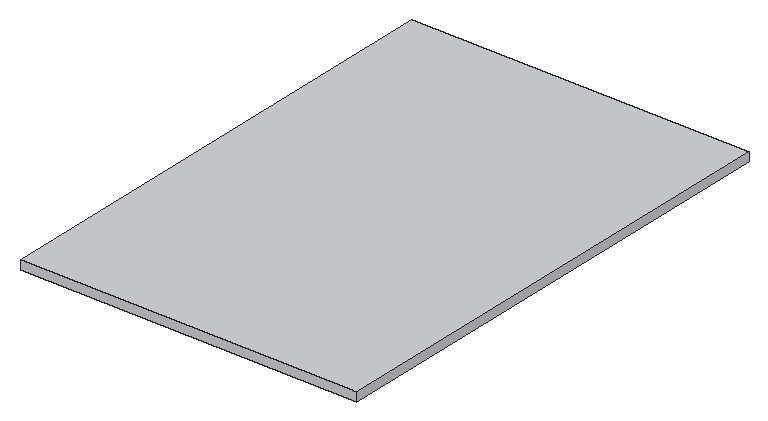
Revit family "24.VIRAJ 25 Surface v1", category Air Terminals, host Face, Revit 2020
Family settings
  Host = Face
  Round Connector Dimension = Use Diameter
  Part Type = Normal
  OmniClass Number = 23.75.70.21.27.11
  OmniClass Title = Diffusers, Registers, and Grilles
  Cut with Voids When Loaded = No
  Shared = No
  Room Calculation Point = No
Parameters (values of type "Standard")
  Width 5 = Diffuser Half Width + 32 mm  # 73.5 mm
  Width 4 = Diffuser Half Width / 4  # 10.375 mm
  Width 3 = Diffuser Half Width / 3  # 13.833 mm
  Width 2 = Diffuser Half Width / 2  # 20.75 mm
  Width 1 = Diffuser Width / 2 + 12.5 mm  # 54 mm
  Slot Width = 25 mm
  Slot Number = 2
  Radius = (Duct Height / 2) - 1.5 mm  # 73.5 mm
  Pressure Drop [instance] = 18.0 Pa
  Duct Height = 150 mm
  Duct Width = 200 mm
  Length 1 = Diffuser Length / 2 + 12.5 mm  # 622 mm
  Flow [instance] = 57.0 L/s
  Diffuser material = none
  Diffuser Half Length = Diffuser Length * 1 / 2  # 609.5 mm
  Diffuser Width = 83 mm
  Diffuser Length = 1219 mm
  Diffuser Half Width = Diffuser Width * 1 / 2  # 41.5 mm
  Default Elevation = 1200 mm
  Assembly Code = ""
  Slot Visibility 4 = Slot Number = 4  # no
  Slot Visibility 3 = Slot Number = 3  # no
  Slot Visibility 2 = Slot Number = 2  # yes
  Slot Visibility 1 = Slot Number = 1  # no
Reference planes
  plane 1 "Centre (Front/Back)": y = 0
  plane 2: z = 0
  plane 3 "Centre (Left/Right)": x = 0
  plane 4: y = -41.5
  plane 5: y = -54
  plane 6: y = 54
  plane 7: y = 41.5
  plane 8: x = -609.5
  plane 9: x = 622
  plane 10: x = 609.5
  plane 11: x = -622
  plane 12 "top surface": z = 3.175
  plane 13: z = -279.4
  plane 14: z = -234.95
  plane 15: z = -159.95
  plane 16: y = -73.5
  plane 17: y = 20.75
  plane 18: y = -20.75
  plane 19: y = 27.667
  plane 20: y = -27.667
  plane 21: y = 10.375
  plane 22: y = 31.125
  plane 23: y = -10.375
  plane 24: y = -31.125
  plane 25: z = -158.45
  plane 26: z = -161.45
  plane 27: z = -84.95
  plane 28: x = -100
  plane 29: x = 100
  plane 30: x = -26.5
  plane 31: x = 26.5
  plane 32 "Centre (Left/Right)": x = 0
  plane 33: y = -54
  plane 34: y = 54
  plane 35: x = 26.5
  plane 36 "Centre (Left/Right)": x = 0
  plane 37: y = -54
Forms (mm)
  Extrusion 1, solid
    sketch origin (-322.134, 0, 0) x (1, 0, 0) y (0, 1, 0)
      loop
        line (-607.214, 1940.297) -> (-607.214, -885.456) -> (1333.965, -885.456) -> (1333.965, 1940.297) -> (-607.214, 1940.297)
    from -252.071 to -304.8
  Extrusion 2, solid, material "Light"
    sketch origin (88.858, 614, 187.323) x (1, 0, 0) y (0, 1, 0)
      loop
        line (-77.573, -666.121) -> (-59.897, -666.121) -> (-59.897, 526.479) -> (-77.573, 526.479) -> (-77.573, -666.121)
    from -514.67 to -515.431
  Extrusion 3, solid, material "Light", not visible
    sketch origin (88.858, 614, -376.447) x (1, 0, 0) y (0, 1, 0)
      loop
        line (-77.573, -666.121) -> (-59.897, -666.121) -> (-59.897, 526.479) -> (-77.573, 526.479) -> (-77.573, -666.121)
    from -513.282 to -515.431
  Extrusion 4, solid, material "Light", not visible
    sketch origin (88.858, 614, -376.447) x (1, 0, 0) y (0, 1, 0)
      loop
        line (-77.573, -666.121) -> (-59.897, -666.121) -> (-59.897, 526.479) -> (-77.573, 526.479) -> (-77.573, -666.121)
    from -514.67 to -515.431
Lines and regions (mm)
  symbolic lines, visible <- "Slot Visibility 1", detail levels fine
    curve 1: line (-609.5, 0, 0) -> (609.5, 0, 0)
  symbolic lines, visible <- "Slot Visibility 3", detail levels fine
    curve 2: line (-609.5, 0, 0) -> (609.5, 0, 0)
    curve 7: line (-609.5, 27.667, 0) -> (609.5, 27.667, 0)
    curve 8: line (-609.5, -27.667, 0) -> (609.5, -27.667, 0)
  symbolic lines, visible <- "Slot Visibility 4", detail levels fine
    curve 3: line (-609.5, 10.375, 0) -> (609.5, 10.375, 0)
    curve 4: line (-609.5, -10.375, 0) -> (609.5, -10.375, 0)
    curve 9: line (-609.5, 31.125, 0) -> (609.5, 31.125, 0)
    curve 10: line (-609.5, -31.125, 0) -> (609.5, -31.125, 0)
  symbolic lines, visible <- "Slot Visibility 2", detail levels fine
    curve 5: line (-609.5, 20.75, 0) -> (609.5, 20.75, 0)
    curve 6: line (-609.5, -20.75, 0) -> (609.5, -20.75, 0)
  symbolic lines
    curve 11: line (-622, 54, 0) -> (622, 54, 0)
    curve 12: line (-622, -54, 0) -> (-622, 54, 0)
    curve 13: line (622, -54, 0) -> (-622, -54, 0)
    curve 14: line (622, 54, 0) -> (622, -54, 0)
  symbolic lines, detail levels fine
    curve 15: line (-609.5, 41.5, 0) -> (609.5, 41.5, 0)
    curve 16: line (-609.5, -41.5, 0) -> (-609.5, 41.5, 0)
    curve 17: line (609.5, -41.5, 0) -> (-609.5, -41.5, 0)
    curve 18: line (609.5, 41.5, 0) -> (609.5, -41.5, 0)
Dimensions and locks
  locked: level to plane 12 "top surface" at 3.175
  locked: level to plane 13 at 279.4
  locked: plane 14 to plane 13 at 44.45
  "Length 1": plane 3 "Centre (Left/Right)" to plane 9
  "Length 1": plane 11 to plane 3 "Centre (Left/Right)"
  "Width 1": plane 6 to plane 1 "Centre (Front/Back)"
  "Width 1": plane 5 to plane 1 "Centre (Front/Back)"
  "Diffuser Half Length": plane 8 to plane 3 "Centre (Left/Right)"
  "Diffuser Half Length": plane 3 "Centre (Left/Right)" to plane 10
  "Diffuser Half Width": plane 1 "Centre (Front/Back)" to plane 7
  "Diffuser Half Width": plane 4 to plane 1 "Centre (Front/Back)"
  "Width 2": plane 1 "Centre (Front/Back)" to plane 17
  "Width 2": plane 18 to plane 1 "Centre (Front/Back)"
  "Width 3": plane 19 to plane 7
  "Width 3": plane 20 to plane 4
  "Width 4": plane 21 to plane 1 "Centre (Front/Back)"
  "Width 4": plane 22 to plane 7
  "Width 4": plane 23 to plane 1 "Centre (Front/Back)"
  "Width 4": plane 24 to plane 4
  "Width 5": plane 16 to plane 1 "Centre (Front/Back)"
  plane 25 to plane 26 = 3 mm
  equal spacing: plane 25, plane 15, plane 26
  "Duct Height": plane 27 to plane 14
  equal spacing: plane 27, plane 15, plane 14
  "Duct Width": plane 29 to plane 28
  equal spacing: plane 29, plane 3 "Centre (Left/Right)", plane 28
  "Radius": plane 30 to plane 28
  "Radius": plane 29 to plane 31
Automatic sketch dimensions
  Extrusion 1 sketch curve to Extrusion 1 sketch curve = 1941.179 mm
  Extrusion 1 sketch curve to Extrusion 1 sketch curve = 2825.752 mm
  curve 11 to plane 6 = 0 mm
  curve 11 to plane 11 = 0 mm
  curve 3 to plane 8 = 0 mm
  curve 9 to plane 10 = 0 mm
  plane 5 to curve 13 = 0 mm
  curve 13 to plane 9 = 0 mm
  curve 16 to plane 4 = 0 mm
  plane 24 to curve 10 = 0 mm
  curve 8 to plane 20 = 0 mm
  plane 18 to curve 6 = 0 mm
  plane 23 to curve 4 = 0 mm
  plane 1 "Centre (Front/Back)" to curve 2 = 0 mm
  plane 1 "Centre (Front/Back)" to curve 1 = 0 mm
  curve 3 to plane 21 = 0 mm
  plane 17 to curve 5 = 0 mm
  curve 7 to plane 19 = 0 mm
  curve 9 to plane 22 = 0 mm
  plane 7 to curve 15 = 0 mm
  Extrusion 2 sketch curve to Extrusion 2 sketch curve = 17.676 mm
  Extrusion 2 sketch curve to Extrusion 2 sketch curve = 1192.6 mm
  Extrusion 3 sketch curve to Extrusion 3 sketch curve = 17.676 mm
  Extrusion 3 sketch curve to Extrusion 3 sketch curve = 1192.6 mm
  Extrusion 4 sketch curve to Extrusion 4 sketch curve = 17.676 mm
  Extrusion 4 sketch curve to Extrusion 4 sketch curve = 1192.6 mm
  plane 3 "Centre (Left/Right)" to Extrusion 2 sketch curve = 11.285 mm
  Extrusion 2 sketch curve to plane 5 = 1.88 mm
